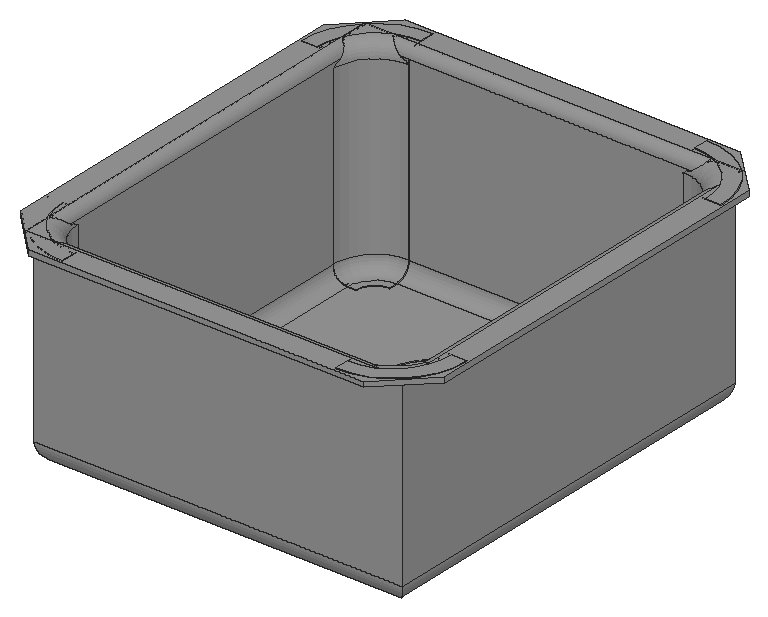
Revit family "ELLIPSE 47x42cm OT2011004", category Generic Models, host Face, Revit 2014
Parameters
  MODELO = "ELLIPSE"
  MARCA = "WASSER"
  EMPRESA = "CHC COMERCIAL HISPANO CHILENA"
  Default Elevation = 1219.2 mm
  DIMENSIONES = "47X42CM"
  CÓDIGO = "OT2011004"
  ACCESORIO = "FREGADERO"
Reference planes
  plane 1 "Center (Front/Back)": y = 0
  plane 2: z = 0
  plane 3 "Center (Left/Right)": x = 0
  plane 4: x = -210
  plane 5: y = 235
  plane 6: x = 210
  plane 7: y = -235
  plane 8: y = 207.5
  plane 9: x = 185
  plane 10: y = -207.5
  plane 11: x = -185
  plane 12: z = 145
  plane 13: z = 210
  plane 14: y = 127.176
  plane 15: y = 7.176
  plane 16: y = 67.176
  plane 17: y = 112.176
  plane 18: y = 322.176
  plane 19: y = 322.176
  plane 20: y = 92.676
  plane 21: y = 92.676
  plane 22: y = 118.176
  plane 23: through (0, 67.176, 1219.2) normal (-0.7071, 0.7071, 0)
Forms (mm)
  Sweep 1, solid, material "Stainless Steel AISI 304"
    path origin (0, 0, 0) x (1, 0, 0) y (0, 1, 0)
      loop
        line (-185, 207.5) -> (-185, -207.5) -> (185, -207.5) -> (185, 207.5) -> (-185, 207.5)
    profile origin (0, 207.5, 0) x (0, 1, 0) y (0, 0, 1)
      loop
        arc (0, 200) -> (1.464, 203.536) -> (5, 205) r 5
        line (5, 205) -> (27.5, 205) -> (27.5, 210) -> (4.676, 210)
        arc (4.676, 210) -> (-2.395, 207.071) -> (-5.324, 200) r 10
        line (-5.324, 200) -> (-5.324, 20)
        arc (-5.324, 20) -> (-9.717, 9.393) -> (-20.324, 5) r 15
        line (-20.324, 5) -> (-138.839, 5) -> (-138.839, 0) -> (-20, 0)
        arc (-20, 0) -> (-5.858, 5.858) -> (0, 20) r 20
        line (0, 20) -> (0, 200)
  Extrusion 2, solid, material "Stainless Steel AISI 304"
    sketch origin (0, 0, 0) x (1, 0, 0) y (0, 1, 0)
      loop
        line (-46.161, 68.661) -> (-46.161, -68.661) -> (46.161, -68.661) -> (46.161, 68.661) -> (-46.161, 68.661)
    from 0 to 5
  Revolve 3, solid, material "Stainless Steel AISI 304"
    sketch origin (-40.023, 159.989, 0) x (1, 0, 0) y (0, 0, 1)
      loop
        line (-154.676, 210.002) -> (-169.889, 210.002) -> (-169.889, 204.874) -> (-156.911, 204.874)
        arc (-156.911, 204.874) -> (-145.597, 200.187) -> (-140.911, 188.874) r 16
        line (-140.911, 188.874) -> (-140.911, 19.844)
        arc (-140.911, 19.844) -> (-137.195, 8.409) -> (-126.211, 3.518) r 14.781
        line (-126.211, 3.518) -> (-116.211, 3.518) -> (-116.211, 5) -> (-124.676, 5)
        arc (-124.676, 5) -> (-135.283, 9.393) -> (-139.676, 20) r 15
        line (-139.676, 20) -> (-139.676, 195.002)
        arc (-139.676, 195.002) -> (-144.069, 205.608) -> (-154.676, 210.002) r 15
      axis (-97.486, 210.002) -> (-97.486, 3.518)
    angle from -0.645 to 90.299
  Revolve 4, solid, material "Stainless Steel AISI 304"
    sketch origin (39.989, 159.984, 0) x (-1, 0, 0) y (0, 0, -1)
      loop
        arc (-154.676, -210.009) -> (-144.069, -205.615) -> (-139.676, -195.009) r 15
        line (-139.676, -195.009) -> (-139.676, -20)
        arc (-139.676, -20) -> (-135.283, -9.393) -> (-124.676, -5) r 15
        line (-124.676, -5) -> (-116.211, -5) -> (-116.211, -3.518) -> (-126.211, -3.518)
        arc (-126.211, -3.518) -> (-137.195, -8.409) -> (-140.911, -19.844) r 14.781
        line (-140.911, -19.844) -> (-140.911, -188.629)
        arc (-140.911, -188.629) -> (-145.597, -199.942) -> (-156.911, -204.629) r 16
        line (-156.911, -204.629) -> (-169.889, -204.629) -> (-169.889, -210.009) -> (-154.676, -210.009)
      axis (-97.486, -210.009) -> (-97.486, -3.518)
    angle from -0.645 to 90.299
  Revolve 5, solid, material "Stainless Steel AISI 304"
    sketch origin (39.987, -159.986, 0) x (-1, 0, 0) y (0, 0, 1)
      loop
        line (-154.676, 210.009) -> (-169.889, 210.009) -> (-169.889, 204.731) -> (-156.911, 204.731)
        arc (-156.911, 204.731) -> (-145.597, 200.045) -> (-140.911, 188.731) r 16
        line (-140.911, 188.731) -> (-140.911, 19.844)
        arc (-140.911, 19.844) -> (-137.195, 8.409) -> (-126.211, 3.518) r 14.781
        line (-126.211, 3.518) -> (-116.211, 3.518) -> (-116.211, 5) -> (-124.676, 5)
        arc (-124.676, 5) -> (-135.283, 9.393) -> (-139.676, 20) r 15
        line (-139.676, 20) -> (-139.676, 195.009)
        arc (-139.676, 195.009) -> (-144.069, 205.615) -> (-154.676, 210.009) r 15
      axis (-97.486, 210.009) -> (-97.486, 3.518)
    angle from -0.645 to 90.299
  Revolve 6, solid, material "Stainless Steel AISI 304"
    sketch origin (-40.005, -159.979, 0) x (1, 0, 0) y (0, 0, -1)
      loop
        arc (-154.676, -210) -> (-144.069, -205.607) -> (-139.676, -195) r 15
        line (-139.676, -195) -> (-139.676, -20)
        arc (-139.676, -20) -> (-135.283, -9.393) -> (-124.676, -5) r 15
        line (-124.676, -5) -> (-116.211, -5) -> (-116.211, -3.518) -> (-126.211, -3.518)
        arc (-126.211, -3.518) -> (-137.195, -8.409) -> (-140.911, -19.844) r 14.781
        line (-140.911, -19.844) -> (-140.911, -188.891)
        arc (-140.911, -188.891) -> (-145.597, -200.205) -> (-156.911, -204.891) r 16
        line (-156.911, -204.891) -> (-169.889, -204.891) -> (-169.889, -210) -> (-154.676, -210)
      axis (-97.486, -210) -> (-97.486, -3.518)
    angle from -0.645 to 90.299
  Extrusion 7, void
    sketch origin (0, 0, 0) x (1, 0, 0) y (0, 1, 0)
      loop
        line (-212.5, 235) -> (-212.5, 190) -> (-167.5, 235) -> (-212.5, 235)
    from 205 to 210
  Extrusion 8, void
    sketch origin (0, 0, 0) x (-1, 0, 0) y (0, -1, 0)
      loop
        line (-212.5, -235) -> (-167.5, -235) -> (-212.5, -190) -> (-212.5, -235)
    from 205 to 210
  Extrusion 9, void
    sketch origin (0, 0, 0) x (-1, 0, 0) y (0, -1, 0)
      loop
        line (-212.5, 235) -> (-212.5, 190) -> (-167.5, 235) -> (-212.5, 235)
    from 205 to 210
  Extrusion 10, void
    sketch origin (0, 0, 0) x (1, 0, 0) y (0, 1, 0)
      loop
        line (-212.5, -235) -> (-167.5, -235) -> (-212.5, -190) -> (-212.5, -235)
    from 205 to 210
  Revolve 11, void
    sketch origin (0, 0, 0) x (0, 1, 0) y (0, 0, 1)
      loop
        line (67.176, 5) -> (67.176, 0) -> (112.176, 0) -> (112.176, 2.148)
        arc (112.176, 2.148) -> (112.538, 3.055) -> (113.424, 3.463) r 1.317
        line (113.424, 3.463) -> (127.176, 4.184) -> (127.176, 5) -> (67.176, 5)
      axis (67.176, 5) -> (67.176, 0)
    angle from 0 to 360
  Revolve 12, solid, material "Stainless Steel AISI 304"
    sketch origin (0, 0, 0) x (0, 1, 0) y (0, 0, 1)
      loop
        line (112.176, 0) -> (112.176, 1.756)
        arc (112.176, 1.756) -> (111.917, 1.131) -> (111.293, 0.873) r 0.883
        line (111.293, 0.873) -> (92.676, 0.873) -> (92.676, 0) -> (112.176, 0)
      axis (67.176, 1.756) -> (67.176, 0)
    angle from 0 to 360
  Revolve 13, solid, material "Stainless Steel AISI 304"
    sketch origin (0, 0, 0) x (0, 1, 0) y (0, 0, 1)
      loop
        line (92.625, 0) -> (92.625, 0.873) -> (67.176, 1.317) -> (67.176, 0) -> (92.625, 0)
      axis (67.176, 1.317) -> (67.176, 0)
    angle from 0 to 360
  Extrusion 14, void
    sketch origin (0, 0, 0) x (1, 0, 0) y (0, 1, 0)
      loop
        circle (0, 67.176) r 5
      loop
        arc (4.442, 86.414) -> (4.351, 87.75) -> (3.312, 88.596) r 1.683
        arc (3.312, 88.596) -> (0, 89.052) -> (-3.312, 88.596) r 12.249
        arc (-3.312, 88.596) -> (-4.351, 87.75) -> (-4.442, 86.414) r 1.683
        line (-4.442, 86.414) -> (-0.764, 76.047)
        arc (-0.764, 76.047) -> (0, 75.507) -> (0.764, 76.047) r 0.811
        line (0.764, 76.047) -> (4.442, 86.414)
      loop
        line (4.442, 47.938) -> (0.764, 58.305)
        arc (0.764, 58.305) -> (0, 58.845) -> (-0.764, 58.305) r 0.811
        line (-0.764, 58.305) -> (-4.442, 47.938)
        arc (-4.442, 47.938) -> (-4.351, 46.602) -> (-3.312, 45.756) r 1.683
        arc (-3.312, 45.756) -> (0, 45.3) -> (3.312, 45.756) r 12.249
        arc (3.312, 45.756) -> (4.351, 46.602) -> (4.442, 47.938) r 1.683
      loop
        arc (-19.238, 71.618) -> (-20.574, 71.527) -> (-21.42, 70.488) r 1.683
        arc (-21.42, 70.488) -> (-21.876, 67.176) -> (-21.42, 63.864) r 12.249
        arc (-21.42, 63.864) -> (-20.574, 62.825) -> (-19.238, 62.733) r 1.683
        line (-19.238, 62.733) -> (-8.871, 66.411)
        arc (-8.871, 66.411) -> (-8.331, 67.176) -> (-8.871, 67.94) r 0.811
        line (-8.871, 67.94) -> (-19.238, 71.618)
      loop
        line (19.238, 71.618) -> (8.871, 67.94)
        arc (8.871, 67.94) -> (8.331, 67.176) -> (8.871, 66.411) r 0.811
        line (8.871, 66.411) -> (19.238, 62.733)
        arc (19.238, 62.733) -> (20.574, 62.825) -> (21.42, 63.864) r 1.683
        arc (21.42, 63.864) -> (21.876, 67.176) -> (21.42, 70.488) r 12.249
        arc (21.42, 70.488) -> (20.574, 71.527) -> (19.238, 71.618) r 1.683
      loop
        arc (-10.462, 83.92) -> (-11.472, 84.801) -> (-12.805, 84.664) r 1.683
        arc (-12.805, 84.664) -> (-15.469, 82.645) -> (-17.488, 79.981) r 12.249
        arc (-17.488, 79.981) -> (-17.625, 78.648) -> (-16.744, 77.638) r 1.683
        line (-16.744, 77.638) -> (-6.813, 72.908)
        arc (-6.813, 72.908) -> (-5.891, 73.067) -> (-5.732, 73.989) r 0.811
        line (-5.732, 73.989) -> (-10.462, 83.92)
      loop
        line (16.744, 56.714) -> (6.813, 61.444)
        arc (6.813, 61.444) -> (5.891, 61.285) -> (5.732, 60.363) r 0.811
        line (5.732, 60.363) -> (10.462, 50.431)
        arc (10.462, 50.431) -> (11.472, 49.551) -> (12.805, 49.688) r 1.683
        arc (12.805, 49.688) -> (15.469, 51.707) -> (17.488, 54.371) r 12.249
        arc (17.488, 54.371) -> (17.625, 55.704) -> (16.744, 56.714) r 1.683
      loop
        arc (-16.744, 56.714) -> (-17.625, 55.704) -> (-17.488, 54.371) r 1.683
        arc (-17.488, 54.371) -> (-15.469, 51.707) -> (-12.805, 49.688) r 12.249
        arc (-12.805, 49.688) -> (-11.472, 49.551) -> (-10.462, 50.431) r 1.683
        line (-10.462, 50.431) -> (-5.732, 60.363)
        arc (-5.732, 60.363) -> (-5.891, 61.285) -> (-6.813, 61.444) r 0.811
        line (-6.813, 61.444) -> (-16.744, 56.714)
      loop
        line (10.462, 83.92) -> (5.732, 73.989)
        arc (5.732, 73.989) -> (5.891, 73.067) -> (6.813, 72.908) r 0.811
        line (6.813, 72.908) -> (16.744, 77.638)
        arc (16.744, 77.638) -> (17.625, 78.648) -> (17.488, 79.981) r 1.683
        arc (17.488, 79.981) -> (15.469, 82.645) -> (12.805, 84.664) r 12.249
        arc (12.805, 84.664) -> (11.472, 84.801) -> (10.462, 83.92) r 1.683
    from 0 to 5
Cuts and joins
  Extrusion 7, Extrusion 8, Extrusion 9, Extrusion 10, Revolve 11, Extrusion 14 cuts Sweep 1
  Extrusion 9, Revolve 11, Extrusion 14 cuts Extrusion 2
  joined: Sweep 1, Extrusion 2
  Extrusion 14 cuts Revolve 13
  Extrusion 14 cuts Revolve 12
Dimensions and locks
  aligned and locked: plane 2 to host face
  aligned and locked: level to host face
